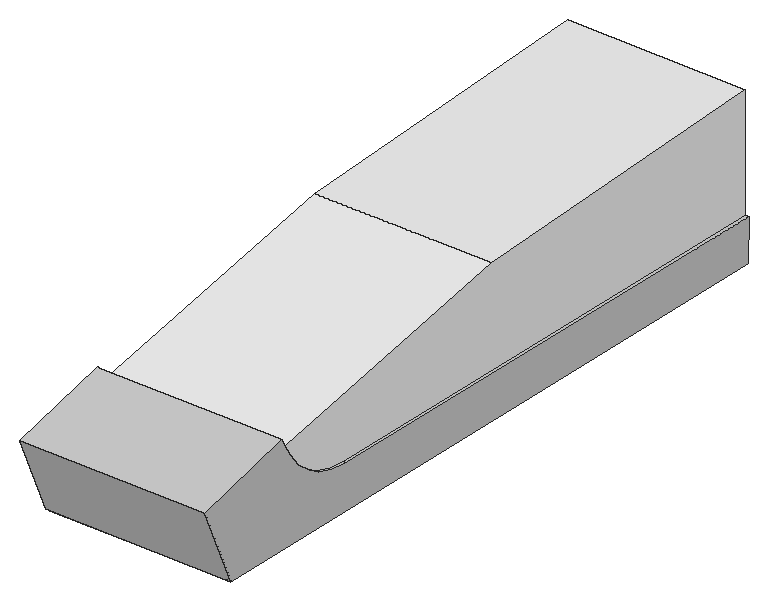
Revit family "2-5107-24 Apollo", category Lighting Fixtures, Revit 2014
Parameters
  Wattage = 3.8373 W
  built-in parameter 1150110 = 1 (stored number, unit not read)
  URL = "http://www.oxygenlighting.com"
  Type Comments = "Lighting - Fluorescent"
  built-in parameter 1114217 = 1 (stored number, unit not read)
  Tilt Angle = 180.00°
  built-in parameter 1150109 = 1 (stored number, unit not read)
  built-in parameter 1150134 = (empty or 0)
  built-in parameter 1150113 = 1 (stored number, unit not read)
  Product Documentation Link = "http://oxygenlighting.com.s3.amazonaws.com/downloads/cutsheets/2-5107-xx.pdf"
  Photometric Web File = "2-5107-24 Apollo ITL77176.IES"
  Model = "2-5107-24"
  Metal Finish = Satin Nickel
  Manufacturer = "Oxygen Lighting"
  Lumens = 570 lm
  built-in parameter 1150115 = 1 (stored number, unit not read)
  built-in parameter 1150105 = 45.359 (stored number, unit not read)
  built-in parameter 1150137 = (empty or 0)
  built-in parameter 1150139 = (empty or 0)
  built-in parameter 1150112 = 1 (stored number, unit not read)
  built-in parameter 1150114 = 1 (stored number, unit not read)
  Lamp = "1x24W Single Ended Twin Tube Fluorescent"
  Junction Box = "4\" Octogonal"
  Input Voltage (Volts AC) = "120.0"
  Power Factor = "0.99"
  Input Power (Watts) = "24.6"
  Input Current (Amps AC) = ""
  built-in parameter 1150132 = 2
  built-in parameter 1150102 = (empty or 0)
  built-in parameter 1150138 = (empty or 0)
  built-in parameter 1150107 = 3000 (stored number, unit not read)
  built-in parameter 1150106 = 0.45359 (stored number, unit not read)
  Fixture Width = 0' - 4 5/16"
  Fixture Height = 1' - 3 7/8"
  Fixture Depth = 0' - 3 5/8"
  Emit from Rectangle Width = 2' - 0"
  Emit from Rectangle Length = 4' - 0"
  Emit Shape Visible in Rendering = no
  built-in parameter 1150104 = 13.8 (stored number, unit not read)
  Driver Manufacturer = "Fulham"
  Dimming Lamp Color Temperature Shift = <None>
  Diffuser = Acrylic-Matte White
  Description = "16\" Wall Sconce - 1xSingle ended twin tube fluorescent"
  Default Elevation = 4' - 0"
  Color Filter = 16777215
  built-in parameter 1114218 = 1 (stored number, unit not read)
  built-in parameter 1150133 = 10 (stored number, unit not read)
  Lamp Manufacturer = "Sylvania"
  Apparent Load = 24.6 VA
  ADA Compliant = yes
Reference planes (in)
  plane 1 "Light Source Axis (F/B)": y = 0
  plane 2: z = 0
  plane 3 "Light Source Axis (L/R)": x = 0
  plane 4 "Light Source Elevation": z = 4.315
  plane 5: y = 7.375
  plane 6: y = -7.75
  plane 7: y = -8.5
  plane 8: y = -0.5625
  plane 9: x = -2.15625
  plane 10: x = 2.15625
  plane 11: z = 3.625
Forms (in)
  Extrusion 1, solid, material "Satin Nickel" <- "Metal Finish"
    sketch origin (0, 0, 0) x (0, 1, 0) y (0, 0, 1)
      loop
        line (-8.5, 1.75) -> (-7.75, 0) -> (7.375, 0) -> (7.375, 1) -> (-4.36871, 1)
        arc (-4.36871, 1) -> (-5.51467, 1.36086) -> (-6.2471, 2.31323) r 2
        line (-6.2471, 2.31323) -> (-8.5, 1.75)
    from 2.06625 to 2.15625
  Extrusion 2, solid, material "Satin Nickel" <- "Metal Finish"
    sketch origin (0, 0, 0) x (0, 1, 0) y (0, 0, -1)
      loop
        line (-8.5, -1.75) -> (-6.2471, -2.31323)
        arc (-6.2471, -2.31323) -> (-5.51467, -1.36086) -> (-4.36871, -1) r 2
        line (-4.36871, -1) -> (7.375, -1) -> (7.375, 0) -> (-7.75, 0) -> (-8.5, -1.75)
    from 2.06625 to 2.15625
  Extrusion 3, solid, material "Satin Nickel" <- "Metal Finish"
    sketch origin (0, 0, 0) x (0, 1, 0) y (0, 0, 1)
      loop
        line (-8.5, 1.75) -> (-7.75, 0) -> (-7.65208, 0) -> (-8.37565, 1.68832) -> (-6.21401, 2.22873)
        arc (-6.21401, 2.22873) -> (-6.23103, 2.27079) -> (-6.2471, 2.31323) r 2
        line (-6.2471, 2.31323) -> (-8.5, 1.75)
    from -2.15625 to 2.15625
  Extrusion 4, solid, material "Satin Nickel" <- "Metal Finish"
    sketch origin (0, 0, 0) x (1, 0, 0) y (0, 0, 1)
      loop
        line (2.06625, 0.375) -> (-2.06625, 0.375) -> (-2.06625, 0) -> (2.06625, 0) -> (2.06625, 0.375)
    from -7.375 to 7.75
  Extrusion 5, solid, material "Satin Nickel" <- "Metal Finish"
    sketch origin (0, 0, 0) x (1, 0, 0) y (0, 0, 1)
      loop
        line (1.375, 3.315) -> (-1.375, 3.315)
        arc (-1.375, 3.315) -> (-1.72855, 3.16855) -> (-1.875, 2.815) r 0.5
        line (-1.875, 2.815) -> (-1.875, 0.315) -> (1.875, 0.315) -> (1.875, 2.815)
        arc (1.875, 2.815) -> (1.72855, 3.16855) -> (1.375, 3.315) r 0.5
      loop
        circle (1.37161, 3.21602) r 0.06
      loop
        circle (1.00719, 3.21602) r 0.06
      loop
        circle (1.19604, 2.82761) r 0.06
      loop
        circle (1.56046, 2.82761) r 0.06
      loop
        circle (0.64277, 3.21602) r 0.06
      loop
        circle (0.83162, 2.82761) r 0.06
      loop
        circle (1.00719, 2.43921) r 0.06
      loop
        circle (1.37161, 2.43921) r 0.06
      loop
        circle (1.73603, 2.43921) r 0.06
      loop
        circle (0.27835, 3.21602) r 0.06
      loop
        circle (0.4672, 2.82761) r 0.06
      loop
        circle (0.64277, 2.43921) r 0.06
      loop
        circle (0.27835, 2.43921) r 0.06
      loop
        circle (0.10278, 2.82761) r 0.06
      loop
        circle (-0.08607, 3.21602) r 0.06
      loop
        circle (-0.08607, 2.43921) r 0.06
      loop
        circle (-0.45049, 3.21602) r 0.06
      loop
        circle (-0.26164, 2.82761) r 0.06
      loop
        circle (-0.45049, 2.43921) r 0.06
      loop
        circle (-0.62606, 2.82761) r 0.06
      loop
        circle (-0.81491, 3.21602) r 0.06
      loop
        circle (-0.81491, 2.43921) r 0.06
      loop
        circle (-0.99048, 2.82761) r 0.06
      loop
        circle (-1.17933, 3.21602) r 0.06
      loop
        circle (-1.17933, 2.43921) r 0.06
      loop
        circle (-1.3549, 2.82761) r 0.06
      loop
        circle (-1.54375, 2.43921) r 0.06
      loop
        circle (-1.71933, 2.82761) r 0.06
      loop
        circle (1.56046, 0.49719) r 0.06
      loop
        circle (1.37161, 0.88559) r 0.06
      loop
        circle (1.19604, 1.274) r 0.06
      loop
        circle (1.00719, 1.6624) r 0.06
      loop
        circle (0.83162, 2.05081) r 0.06
      loop
        circle (1.19604, 0.49719) r 0.06
      loop
        circle (1.00719, 0.88559) r 0.06
      loop
        circle (0.83162, 1.274) r 0.06
      loop
        circle (0.64277, 1.6624) r 0.06
      loop
        circle (0.4672, 2.05081) r 0.06
      loop
        circle (1.73603, 0.88559) r 0.06
      loop
        circle (1.56046, 1.274) r 0.06
      loop
        circle (1.37161, 1.6624) r 0.06
      loop
        circle (1.19604, 2.05081) r 0.06
      loop
        circle (1.73603, 1.6624) r 0.06
      loop
        circle (1.56046, 2.05081) r 0.06
      loop
        circle (0.83162, 0.49719) r 0.06
      loop
        circle (0.64277, 0.88559) r 0.06
      loop
        circle (0.4672, 1.274) r 0.06
      loop
        circle (0.27835, 1.6624) r 0.06
      loop
        circle (0.10278, 2.05081) r 0.06
      loop
        circle (0.4672, 0.49719) r 0.06
      loop
        circle (0.27835, 0.88559) r 0.06
      loop
        circle (0.10278, 1.274) r 0.06
      loop
        circle (-0.08607, 1.6624) r 0.06
      loop
        circle (-0.26164, 2.05081) r 0.06
      loop
        circle (0.10278, 0.49719) r 0.06
      loop
        circle (-0.08607, 0.88559) r 0.06
      loop
        circle (-0.26164, 1.274) r 0.06
      loop
        circle (-0.45049, 1.6624) r 0.06
      loop
        circle (-0.62606, 2.05081) r 0.06
      loop
        circle (-0.26164, 0.49719) r 0.06
      loop
        circle (-0.45049, 0.88559) r 0.06
      loop
        circle (-0.62606, 1.274) r 0.06
      loop
        circle (-0.81491, 1.6624) r 0.06
      loop
        circle (-0.99048, 2.05081) r 0.06
      loop
        circle (-0.62606, 0.49719) r 0.06
      loop
        circle (-0.81491, 0.88559) r 0.06
      loop
        circle (-0.99048, 1.274) r 0.06
      loop
        circle (-1.17933, 1.6624) r 0.06
      loop
        circle (-1.3549, 2.05081) r 0.06
      loop
        circle (-0.99048, 0.49719) r 0.06
      loop
        circle (-1.17933, 0.88559) r 0.06
      loop
        circle (-1.3549, 1.274) r 0.06
      loop
        circle (-1.54375, 1.6624) r 0.06
      loop
        circle (-1.71933, 2.05081) r 0.06
      loop
        circle (-1.3549, 0.49719) r 0.06
      loop
        circle (-1.54375, 0.88559) r 0.06
      loop
        circle (-1.71933, 1.274) r 0.06
      loop
        circle (-1.71933, 0.49719) r 0.06
    from -7.125 to -7.09
  Extrusion 6, solid, material "Satin Nickel" <- "Metal Finish"
    sketch origin (0, 0, 0) x (1, 0, 0) y (0, 1, 0)
      loop
        arc (-1.84375, 6.9025) -> (-1.77053, 6.72572) -> (-1.59375, 6.6525) r 0.25
        line (-1.59375, 6.6525) -> (1.59375, 6.6525)
        arc (1.59375, 6.6525) -> (1.77053, 6.72572) -> (1.84375, 6.9025) r 0.25
        line (1.84375, 6.9025) -> (1.84375, 7.09) -> (-1.84375, 7.09) -> (-1.84375, 6.9025)
      loop
        circle (1.75295, 6.98177) r 0.0625
      loop
        circle (1.64174, 6.7993) r 0.0625
      loop
        circle (1.39174, 6.7993) r 0.0625
      loop
        circle (-1.74705, 6.98177) r 0.0625
      loop
        circle (-1.60826, 6.7993) r 0.0625
      loop
        circle (-1.49705, 6.98177) r 0.0625
      loop
        circle (-1.35826, 6.7993) r 0.0625
      loop
        circle (-1.24705, 6.98177) r 0.0625
      loop
        circle (-0.99705, 6.98177) r 0.0625
      loop
        circle (-1.10826, 6.7993) r 0.0625
      loop
        circle (-0.74705, 6.98177) r 0.0625
      loop
        circle (-0.60826, 6.7993) r 0.0625
      loop
        circle (-0.49705, 6.98177) r 0.0625
      loop
        circle (-0.35826, 6.7993) r 0.0625
      loop
        circle (-0.24705, 6.98177) r 0.0625
      loop
        circle (-0.10826, 6.7993) r 0.0625
      loop
        circle (0.00295, 6.98177) r 0.0625
      loop
        circle (0.14174, 6.7993) r 0.0625
      loop
        circle (0.25295, 6.98177) r 0.0625
      loop
        circle (0.50295, 6.98177) r 0.0625
      loop
        circle (0.39174, 6.7993) r 0.0625
      loop
        circle (0.75295, 6.98177) r 0.0625
      loop
        circle (0.89174, 6.7993) r 0.0625
      loop
        circle (1.00295, 6.98177) r 0.0625
      loop
        circle (1.25295, 6.98177) r 0.0625
      loop
        circle (1.14174, 6.7993) r 0.0625
      loop
        circle (1.50295, 6.98177) r 0.0625
      loop
        circle (0.64174, 6.7993) r 0.0625
      loop
        circle (-0.85826, 6.7993) r 0.0625
    from 0.375 to 0.44689
  Extrusion 7, solid, material "Acrylic-Matte White" <- "Diffuser"
    sketch origin (0, 0, 0) x (0, 1, 0) y (0, 0, 1)
      loop
        line (-8.34305, 1.61226) -> (-7.75, 0.375) -> (7.375, 0.375) -> (7.375, 3.625)
        arc (7.375, 3.625) -> (3.68347, 3.50559) -> (0, 3.23399) r 89.50676
        arc (0, 3.23399) -> (-4.21119, 2.62717) -> (-8.34305, 1.61226) r 43.54377
    from 1.9725 to 2.06625
  Extrusion 8, solid, material "Acrylic-Matte White" <- "Diffuser"
    sketch origin (0, 0, 0) x (0, 1, 0) y (0, 0, -1)
      loop
        arc (-8.34305, -1.61226) -> (-4.21119, -2.62717) -> (0, -3.23399) r 43.54377
        arc (0, -3.23399) -> (3.68347, -3.50559) -> (7.375, -3.625) r 89.50676
        line (7.375, -3.625) -> (7.375, -0.375) -> (-7.75, -0.375) -> (-8.34305, -1.61226)
    from 1.9725 to 2.06625
  Extrusion 9, solid, material "Acrylic-Matte White" <- "Diffuser"
    sketch origin (0, 0, 0) x (0, 1, 0) y (0, 0, 1)
      loop
        line (-8.34305, 1.61226) -> (-8.28835, 1.49813)
        arc (-8.28835, 1.49813) -> (-4.17761, 2.50635) -> (0.01176, 3.10954) r 43.41877
        arc (0.01176, 3.10954) -> (3.68935, 3.38073) -> (7.375, 3.49999) r 89.38176
        line (7.375, 3.49999) -> (7.375, 3.625)
        arc (7.375, 3.625) -> (3.68347, 3.50559) -> (0, 3.23399) r 89.50676
        arc (0, 3.23399) -> (-4.21119, 2.62717) -> (-8.34305, 1.61226) r 43.54377
    from -2.06625 to 2.06625
  Extrusion 10, solid, material "Satin Nickel" <- "Metal Finish", not visible
    sketch origin (0, 0, 0) x (0, 1, 0) y (0, 0, 1)
      loop
        line (-8.5, 1.75) -> (-7.75, 0) -> (7.375, 0) -> (7.375, 1) -> (-4.36871, 1)
        arc (-4.36871, 1) -> (-5.51467, 1.36086) -> (-6.2471, 2.31323) r 2
        line (-6.2471, 2.31323) -> (-8.5, 1.75)
    from 2.06625 to 2.15625
  Extrusion 11, solid, material "Satin Nickel" <- "Metal Finish", not visible
    sketch origin (0, 0, 0) x (0, 1, 0) y (0, 0, -1)
      loop
        line (-8.5, -1.75) -> (-6.2471, -2.31323)
        arc (-6.2471, -2.31323) -> (-5.51467, -1.36086) -> (-4.36871, -1) r 2
        line (-4.36871, -1) -> (7.375, -1) -> (7.375, 0) -> (-7.75, 0) -> (-8.5, -1.75)
    from 2.06625 to 2.15625
  Extrusion 12, solid, material "Satin Nickel" <- "Metal Finish", not visible
    sketch origin (0, 0, 0) x (0, 1, 0) y (0, 0, 1)
      loop
        line (-8.5, 1.75) -> (-7.75, 0) -> (-7.65208, 0) -> (-8.37565, 1.68832) -> (-6.21401, 2.22873)
        arc (-6.21401, 2.22873) -> (-6.23103, 2.27079) -> (-6.2471, 2.31323) r 2
        line (-6.2471, 2.31323) -> (-8.5, 1.75)
    from -2.15625 to 2.15625
  Extrusion 13, solid, material "Satin Nickel" <- "Metal Finish", not visible
    sketch origin (0, 0, 0) x (1, 0, 0) y (0, 0, 1)
      loop
        line (2.06625, 0.375) -> (-2.06625, 0.375) -> (-2.06625, 0) -> (2.06625, 0) -> (2.06625, 0.375)
    from -7.375 to 7.75
  Extrusion 14, solid, material "Satin Nickel" <- "Metal Finish", not visible
    sketch origin (0, 0, 0) x (1, 0, 0) y (0, 0, 1)
      loop
        line (1.375, 3.315) -> (-1.375, 3.315)
        arc (-1.375, 3.315) -> (-1.72855, 3.16855) -> (-1.875, 2.815) r 0.5
        line (-1.875, 2.815) -> (-1.875, 0.315) -> (1.875, 0.315) -> (1.875, 2.815)
        arc (1.875, 2.815) -> (1.72855, 3.16855) -> (1.375, 3.315) r 0.5
      loop
        circle (1.37161, 3.21602) r 0.06
      loop
        circle (1.00719, 3.21602) r 0.06
      loop
        circle (1.19604, 2.82761) r 0.06
      loop
        circle (1.56046, 2.82761) r 0.06
      loop
        circle (0.64277, 3.21602) r 0.06
      loop
        circle (0.83162, 2.82761) r 0.06
      loop
        circle (1.00719, 2.43921) r 0.06
      loop
        circle (1.37161, 2.43921) r 0.06
      loop
        circle (1.73603, 2.43921) r 0.06
      loop
        circle (0.27835, 3.21602) r 0.06
      loop
        circle (0.4672, 2.82761) r 0.06
      loop
        circle (0.64277, 2.43921) r 0.06
      loop
        circle (0.27835, 2.43921) r 0.06
      loop
        circle (0.10278, 2.82761) r 0.06
      loop
        circle (-0.08607, 3.21602) r 0.06
      loop
        circle (-0.08607, 2.43921) r 0.06
      loop
        circle (-0.45049, 3.21602) r 0.06
      loop
        circle (-0.26164, 2.82761) r 0.06
      loop
        circle (-0.45049, 2.43921) r 0.06
      loop
        circle (-0.62606, 2.82761) r 0.06
      loop
        circle (-0.81491, 3.21602) r 0.06
      loop
        circle (-0.81491, 2.43921) r 0.06
      loop
        circle (-0.99048, 2.82761) r 0.06
      loop
        circle (-1.17933, 3.21602) r 0.06
      loop
        circle (-1.17933, 2.43921) r 0.06
      loop
        circle (-1.3549, 2.82761) r 0.06
      loop
        circle (-1.54375, 2.43921) r 0.06
      loop
        circle (-1.71933, 2.82761) r 0.06
      loop
        circle (1.56046, 0.49719) r 0.06
      loop
        circle (1.37161, 0.88559) r 0.06
      loop
        circle (1.19604, 1.274) r 0.06
      loop
        circle (1.00719, 1.6624) r 0.06
      loop
        circle (0.83162, 2.05081) r 0.06
      loop
        circle (1.19604, 0.49719) r 0.06
      loop
        circle (1.00719, 0.88559) r 0.06
      loop
        circle (0.83162, 1.274) r 0.06
      loop
        circle (0.64277, 1.6624) r 0.06
      loop
        circle (0.4672, 2.05081) r 0.06
      loop
        circle (1.73603, 0.88559) r 0.06
      loop
        circle (1.56046, 1.274) r 0.06
      loop
        circle (1.37161, 1.6624) r 0.06
      loop
        circle (1.19604, 2.05081) r 0.06
      loop
        circle (1.73603, 1.6624) r 0.06
      loop
        circle (1.56046, 2.05081) r 0.06
      loop
        circle (0.83162, 0.49719) r 0.06
      loop
        circle (0.64277, 0.88559) r 0.06
      loop
        circle (0.4672, 1.274) r 0.06
      loop
        circle (0.27835, 1.6624) r 0.06
      loop
        circle (0.10278, 2.05081) r 0.06
      loop
        circle (0.4672, 0.49719) r 0.06
      loop
        circle (0.27835, 0.88559) r 0.06
      loop
        circle (0.10278, 1.274) r 0.06
      loop
        circle (-0.08607, 1.6624) r 0.06
      loop
        circle (-0.26164, 2.05081) r 0.06
      loop
        circle (0.10278, 0.49719) r 0.06
      loop
        circle (-0.08607, 0.88559) r 0.06
      loop
        circle (-0.26164, 1.274) r 0.06
      loop
        circle (-0.45049, 1.6624) r 0.06
      loop
        circle (-0.62606, 2.05081) r 0.06
      loop
        circle (-0.26164, 0.49719) r 0.06
      loop
        circle (-0.45049, 0.88559) r 0.06
      loop
        circle (-0.62606, 1.274) r 0.06
      loop
        circle (-0.81491, 1.6624) r 0.06
      loop
        circle (-0.99048, 2.05081) r 0.06
      loop
        circle (-0.62606, 0.49719) r 0.06
      loop
        circle (-0.81491, 0.88559) r 0.06
      loop
        circle (-0.99048, 1.274) r 0.06
      loop
        circle (-1.17933, 1.6624) r 0.06
      loop
        circle (-1.3549, 2.05081) r 0.06
      loop
        circle (-0.99048, 0.49719) r 0.06
      loop
        circle (-1.17933, 0.88559) r 0.06
      loop
        circle (-1.3549, 1.274) r 0.06
      loop
        circle (-1.54375, 1.6624) r 0.06
      loop
        circle (-1.71933, 2.05081) r 0.06
      loop
        circle (-1.3549, 0.49719) r 0.06
      loop
        circle (-1.54375, 0.88559) r 0.06
      loop
        circle (-1.71933, 1.274) r 0.06
      loop
        circle (-1.71933, 0.49719) r 0.06
    from -7.125 to -7.09
  Extrusion 15, solid, material "Satin Nickel" <- "Metal Finish", not visible
    sketch origin (0, 0, 0) x (1, 0, 0) y (0, 1, 0)
      loop
        arc (-1.84375, 6.9025) -> (-1.77053, 6.72572) -> (-1.59375, 6.6525) r 0.25
        line (-1.59375, 6.6525) -> (1.59375, 6.6525)
        arc (1.59375, 6.6525) -> (1.77053, 6.72572) -> (1.84375, 6.9025) r 0.25
        line (1.84375, 6.9025) -> (1.84375, 7.09) -> (-1.84375, 7.09) -> (-1.84375, 6.9025)
      loop
        circle (1.75295, 6.98177) r 0.0625
      loop
        circle (1.64174, 6.7993) r 0.0625
      loop
        circle (1.39174, 6.7993) r 0.0625
      loop
        circle (-1.74705, 6.98177) r 0.0625
      loop
        circle (-1.60826, 6.7993) r 0.0625
      loop
        circle (-1.49705, 6.98177) r 0.0625
      loop
        circle (-1.35826, 6.7993) r 0.0625
      loop
        circle (-1.24705, 6.98177) r 0.0625
      loop
        circle (-0.99705, 6.98177) r 0.0625
      loop
        circle (-1.10826, 6.7993) r 0.0625
      loop
        circle (-0.74705, 6.98177) r 0.0625
      loop
        circle (-0.60826, 6.7993) r 0.0625
      loop
        circle (-0.49705, 6.98177) r 0.0625
      loop
        circle (-0.35826, 6.7993) r 0.0625
      loop
        circle (-0.24705, 6.98177) r 0.0625
      loop
        circle (-0.10826, 6.7993) r 0.0625
      loop
        circle (0.00295, 6.98177) r 0.0625
      loop
        circle (0.14174, 6.7993) r 0.0625
      loop
        circle (0.25295, 6.98177) r 0.0625
      loop
        circle (0.50295, 6.98177) r 0.0625
      loop
        circle (0.39174, 6.7993) r 0.0625
      loop
        circle (0.75295, 6.98177) r 0.0625
      loop
        circle (0.89174, 6.7993) r 0.0625
      loop
        circle (1.00295, 6.98177) r 0.0625
      loop
        circle (1.25295, 6.98177) r 0.0625
      loop
        circle (1.14174, 6.7993) r 0.0625
      loop
        circle (1.50295, 6.98177) r 0.0625
      loop
        circle (0.64174, 6.7993) r 0.0625
      loop
        circle (-0.85826, 6.7993) r 0.0625
    from 0.375 to 0.44689
  Extrusion 16, solid, material "Acrylic-Matte White" <- "Diffuser", not visible
    sketch origin (0, 0, 0) x (0, 1, 0) y (0, 0, 1)
      loop
        line (-8.34305, 1.61226) -> (-7.75, 0.375) -> (7.375, 0.375) -> (7.375, 3.625)
        arc (7.375, 3.625) -> (3.68347, 3.50559) -> (0, 3.23399) r 89.50676
        arc (0, 3.23399) -> (-4.21119, 2.62717) -> (-8.34305, 1.61226) r 43.54377
    from 1.9725 to 2.06625
  Extrusion 17, solid, material "Acrylic-Matte White" <- "Diffuser", not visible
    sketch origin (0, 0, 0) x (0, 1, 0) y (0, 0, -1)
      loop
        arc (-8.34305, -1.61226) -> (-4.21119, -2.62717) -> (0, -3.23399) r 43.54377
        arc (0, -3.23399) -> (3.68347, -3.50559) -> (7.375, -3.625) r 89.50676
        line (7.375, -3.625) -> (7.375, -0.375) -> (-7.75, -0.375) -> (-8.34305, -1.61226)
    from 1.9725 to 2.06625
  Extrusion 18, solid, material "Acrylic-Matte White" <- "Diffuser", not visible
    sketch origin (0, 0, 0) x (0, 1, 0) y (0, 0, 1)
      loop
        line (-8.34305, 1.61226) -> (-8.28835, 1.49813)
        arc (-8.28835, 1.49813) -> (-4.17761, 2.50635) -> (0.01176, 3.10954) r 43.41877
        arc (0.01176, 3.10954) -> (3.68935, 3.38073) -> (7.375, 3.49999) r 89.38176
        line (7.375, 3.49999) -> (7.375, 3.625)
        arc (7.375, 3.625) -> (3.68347, 3.50559) -> (0, 3.23399) r 89.50676
        arc (0, 3.23399) -> (-4.21119, 2.62717) -> (-8.34305, 1.61226) r 43.54377
    from -2.06625 to 2.06625
Cuts and joins
  joined: Extrusion 1, Extrusion 2, Extrusion 3
  joined: Extrusion 7, Extrusion 8, Extrusion 9
Dimensions and locks (in)
  "Fixture Height": plane 5 to plane 7
  equal spacing: plane 5, plane 8, plane 7, locked at 7.9375 each
  "Fixture Width": plane 9 to plane 10
  equal spacing: plane 9, plane 3 "Light Source Axis (L/R)", plane 10, locked at 2.15625 each
  "Fixture Depth": level to plane 11
  aligned and locked: plane 1 "Light Source Axis (F/B)" to imposter light
  aligned and locked: plane 4 "Light Source Elevation" to imposter light
  aligned and locked: level to plane 2
Automatic sketch dimensions
  Extrusion 1 sketch curve to Extrusion 1 sketch curve = 0' - 1.87839"
  Extrusion 1 sketch curve to Extrusion 1 sketch curve = 0' - 1.31323"
  Extrusion 2 sketch curve to Extrusion 2 sketch curve = 0' - 1.87839"
  Extrusion 2 sketch curve to Extrusion 2 sketch curve = 0' - 1.31323"
  Extrusion 3 sketch curve to Extrusion 3 sketch curve = 0' - 0.03309"
  Extrusion 3 sketch curve to Extrusion 3 sketch curve = 0' - 1.87839"
  Extrusion 3 sketch curve to Extrusion 3 sketch curve = 0' - 0.06168"
  Extrusion 3 sketch curve to Extrusion 3 sketch curve = 0' - 0.54041"
  Extrusion 3 sketch curve to Extrusion 3 sketch curve = 0' - 0.0845"
  Extrusion 4 sketch curve to Extrusion 4 sketch curve = 0' - 0 3/8"
  Extrusion 5 sketch curve to Extrusion 5 sketch curve = 0' - 0.36442"  (x68)
  Extrusion 5 sketch curve to Extrusion 5 sketch curve = 0' - 0.19567"
  Extrusion 5 sketch curve to Extrusion 5 sketch curve = 0' - 0.34433"
  Extrusion 5 sketch curve to Extrusion 5 sketch curve = 0' - 0.15567"  (x3)
  Extrusion 5 sketch curve to Extrusion 5 sketch curve = 0' - 0.17896"
  Extrusion 5 sketch curve to Extrusion 5 sketch curve = 0' - 0.3884"  (x20)
  Extrusion 5 sketch curve to Extrusion 5 sketch curve = 0' - 0"  (x51)
  Extrusion 5 sketch curve to Extrusion 5 sketch curve = 0' - 0.37579"
  Extrusion 5 sketch curve to Extrusion 5 sketch curve = 0' - 0.01261"  (x4)
  Extrusion 5 sketch curve to Extrusion 5 sketch curve = 0' - 0.09898"  (x2)
  Extrusion 6 sketch curve to Extrusion 6 sketch curve = 0' - 0.11121"  (x12)
  Extrusion 6 sketch curve to Extrusion 6 sketch curve = 0' - 0.13879"  (x12)
  Extrusion 6 sketch curve to Extrusion 6 sketch curve = 0' - 0.23549"
  Extrusion 6 sketch curve to Extrusion 6 sketch curve = 0' - 0.01451"
  Extrusion 6 sketch curve to Extrusion 6 sketch curve = 0' - 0.1533"
  Extrusion 6 sketch curve to Extrusion 6 sketch curve = 0' - 0.0967"
  Extrusion 6 sketch curve to Extrusion 6 sketch curve = 0' - 0.20201"
  Extrusion 6 sketch curve to Extrusion 6 sketch curve = 0' - 0.04799"
  Extrusion 6 sketch curve to Extrusion 6 sketch curve = 0' - 0.1592"
  Extrusion 6 sketch curve to Extrusion 6 sketch curve = 0' - 0.0908"
  Extrusion 6 sketch curve to Extrusion 6 sketch curve = 0' - 0"  (x6)
  Extrusion 6 sketch curve to Extrusion 6 sketch curve = 0' - 0.18248"  (x16)
  Extrusion 6 sketch curve to Extrusion 6 sketch curve = 0' - 0.1032"  (x3)
  Extrusion 6 sketch curve to Extrusion 6 sketch curve = 0' - 0.07927"  (x4)
  Extrusion 6 sketch curve to Extrusion 6 sketch curve = 0' - 0.10823"
  Extrusion 9 sketch curve to Extrusion 9 sketch curve = 0' - 0"  (x9)
  Extrusion 9 sketch curve to Extrusion 9 sketch curve = 0' - 0 1/8"
  Extrusion 9 sketch curve to Extrusion 9 sketch curve = 0' - 0 7/128"
  Extrusion 9 sketch curve to Extrusion 9 sketch curve = 3' - 9.75905"
  Extrusion 1 sketch curve to Extrusion 1 sketch curve = 0' - 0 3/4"
  Extrusion 1 sketch curve to Extrusion 1 sketch curve = 0' - 2.2529"
  Extrusion 1 sketch curve to Extrusion 1 sketch curve = 0' - 11.74371"
  Extrusion 1 sketch curve to Extrusion 1 sketch curve = 0' - 1"
  Extrusion 1 sketch curve to Extrusion 1 sketch curve = 0' - 1 3/4"
  Extrusion 2 sketch curve to Extrusion 2 sketch curve = 0' - 0 3/4"
  Extrusion 2 sketch curve to Extrusion 2 sketch curve = 0' - 2.2529"
  Extrusion 2 sketch curve to Extrusion 2 sketch curve = 0' - 11.74371"
  Extrusion 2 sketch curve to Extrusion 2 sketch curve = 0' - 0.56323"
  Extrusion 2 sketch curve to Extrusion 2 sketch curve = 0' - 1"
  Extrusion 3 sketch curve to Extrusion 3 sketch curve = 0' - 0.12435"
  Extrusion 3 sketch curve to Extrusion 3 sketch curve = 0' - 0.62565"
  Extrusion 3 sketch curve to Extrusion 3 sketch curve = 0' - 0.09792"
  Extrusion 3 sketch curve to Extrusion 3 sketch curve = 0' - 2.12855"
  Extrusion 3 sketch curve to Extrusion 3 sketch curve = 0' - 1.68832"
  Extrusion 4 sketch curve to Extrusion 4 sketch curve = 0' - 4.1325"
  Extrusion 5 sketch curve to Extrusion 5 sketch curve = 0' - 0.16875"
  Extrusion 5 sketch curve to Extrusion 5 sketch curve = 0' - 0.17557"  (x2)
  Extrusion 5 sketch curve to Extrusion 5 sketch curve = 0' - 0.0201"
  Extrusion 5 sketch curve to Extrusion 5 sketch curve = 0' - 0.18546"
  Extrusion 5 sketch curve to Extrusion 5 sketch curve = 0' - 0.31454"
  Extrusion 5 sketch curve to Extrusion 5 sketch curve = 0' - 0.18219"  (x2)
  Extrusion 7 sketch curve to Extrusion 7 sketch curve = 0' - 0.59305"
  Extrusion 7 sketch curve to Extrusion 7 sketch curve = 0' - 11.84735"
  Extrusion 7 sketch curve to Extrusion 7 sketch curve = 1' - 3 1/8"
  Extrusion 7 sketch curve to Extrusion 7 sketch curve = 0' - 4.325"
  Extrusion 7 sketch curve to Extrusion 7 sketch curve = 3' - 9.75905"
  Extrusion 7 sketch curve to Extrusion 7 sketch curve = 3' - 4.49158"
  Extrusion 7 sketch curve to Extrusion 7 sketch curve = 0' - 1.23726"
  Extrusion 7 sketch curve to Extrusion 7 sketch curve = 0' - 3 1/4"
  Extrusion 8 sketch curve to Extrusion 8 sketch curve = 0' - 0.59305"
  Extrusion 8 sketch curve to Extrusion 8 sketch curve = 0' - 11.84735"
  Extrusion 8 sketch curve to Extrusion 8 sketch curve = 1' - 3 1/8"
  Extrusion 8 sketch curve to Extrusion 8 sketch curve = 0' - 4.325"
  Extrusion 8 sketch curve to Extrusion 8 sketch curve = 0' - 2.01274"
  Extrusion 8 sketch curve to Extrusion 8 sketch curve = 0' - 3 1/4"
  Extrusion 8 sketch curve to Extrusion 8 sketch curve = 3' - 4.49158"
  Extrusion 8 sketch curve to Extrusion 8 sketch curve = 3' - 9.75905"
  Extrusion 9 sketch curve to Extrusion 9 sketch curve = 1' - 0.3857"
  Extrusion 9 sketch curve to Extrusion 9 sketch curve = 1' - 3.66335"
  Extrusion 9 sketch curve to Extrusion 9 sketch curve = 0' - 4.325"
  Extrusion 9 sketch curve to Extrusion 9 sketch curve = 3' - 5.61471"
  Extrusion 9 sketch curve to Extrusion 9 sketch curve = 0' - 0.11413"
  Extrusion 10 sketch curve to Extrusion 10 sketch curve = 0' - 1.87839"
  Extrusion 10 sketch curve to Extrusion 10 sketch curve = 0' - 1.31323"
  Extrusion 11 sketch curve to Extrusion 11 sketch curve = 0' - 1.87839"
  Extrusion 11 sketch curve to Extrusion 11 sketch curve = 0' - 1.31323"
  Extrusion 12 sketch curve to Extrusion 12 sketch curve = 0' - 0.03309"
  Extrusion 12 sketch curve to Extrusion 12 sketch curve = 0' - 1.87839"
  Extrusion 12 sketch curve to Extrusion 12 sketch curve = 0' - 0.06168"
  Extrusion 12 sketch curve to Extrusion 12 sketch curve = 0' - 0.54041"
  Extrusion 12 sketch curve to Extrusion 12 sketch curve = 0' - 0.0845"
  Extrusion 13 sketch curve to Extrusion 13 sketch curve = 0' - 0 3/8"
  Extrusion 14 sketch curve to Extrusion 14 sketch curve = 0' - 0.36442"  (x68)
  Extrusion 14 sketch curve to Extrusion 14 sketch curve = 0' - 0.19567"
  Extrusion 14 sketch curve to Extrusion 14 sketch curve = 0' - 0.34433"
  Extrusion 14 sketch curve to Extrusion 14 sketch curve = 0' - 0.15567"  (x3)
  Extrusion 14 sketch curve to Extrusion 14 sketch curve = 0' - 0.17896"
  Extrusion 14 sketch curve to Extrusion 14 sketch curve = 0' - 0.3884"  (x20)
  Extrusion 14 sketch curve to Extrusion 14 sketch curve = 0' - 0"  (x51)
  Extrusion 14 sketch curve to Extrusion 14 sketch curve = 0' - 0.37579"
  Extrusion 14 sketch curve to Extrusion 14 sketch curve = 0' - 0.01261"  (x4)
  Extrusion 14 sketch curve to Extrusion 14 sketch curve = 0' - 0.09898"  (x2)
  Extrusion 15 sketch curve to Extrusion 15 sketch curve = 0' - 0.11121"  (x12)
  Extrusion 15 sketch curve to Extrusion 15 sketch curve = 0' - 0.13879"  (x12)
  Extrusion 15 sketch curve to Extrusion 15 sketch curve = 0' - 0.23549"
  Extrusion 15 sketch curve to Extrusion 15 sketch curve = 0' - 0.01451"
  Extrusion 15 sketch curve to Extrusion 15 sketch curve = 0' - 0.1533"
  Extrusion 15 sketch curve to Extrusion 15 sketch curve = 0' - 0.0967"
  Extrusion 15 sketch curve to Extrusion 15 sketch curve = 0' - 0.20201"
  Extrusion 15 sketch curve to Extrusion 15 sketch curve = 0' - 0.04799"
  Extrusion 15 sketch curve to Extrusion 15 sketch curve = 0' - 0.1592"
  Extrusion 15 sketch curve to Extrusion 15 sketch curve = 0' - 0.0908"
  Extrusion 15 sketch curve to Extrusion 15 sketch curve = 0' - 0"  (x6)
  Extrusion 15 sketch curve to Extrusion 15 sketch curve = 0' - 0.18248"  (x16)
  Extrusion 15 sketch curve to Extrusion 15 sketch curve = 0' - 0.1032"  (x3)
  Extrusion 15 sketch curve to Extrusion 15 sketch curve = 0' - 0.07927"  (x4)
  Extrusion 15 sketch curve to Extrusion 15 sketch curve = 0' - 0.10823"
  Extrusion 18 sketch curve to Extrusion 18 sketch curve = 0' - 0"  (x9)
  Extrusion 18 sketch curve to Extrusion 18 sketch curve = 0' - 0 1/8"
  Extrusion 18 sketch curve to Extrusion 18 sketch curve = 0' - 0 7/128"
  Extrusion 18 sketch curve to Extrusion 18 sketch curve = 3' - 9.75905"
  Extrusion 10 sketch curve to Extrusion 10 sketch curve = 0' - 0 3/4"
  Extrusion 10 sketch curve to Extrusion 10 sketch curve = 0' - 2.2529"
  Extrusion 10 sketch curve to Extrusion 10 sketch curve = 0' - 11.74371"
  Extrusion 10 sketch curve to Extrusion 10 sketch curve = 0' - 1"
  Extrusion 10 sketch curve to Extrusion 10 sketch curve = 0' - 1 3/4"
  Extrusion 11 sketch curve to Extrusion 11 sketch curve = 0' - 0 3/4"
  Extrusion 11 sketch curve to Extrusion 11 sketch curve = 0' - 2.2529"
  Extrusion 11 sketch curve to Extrusion 11 sketch curve = 0' - 11.74371"
  Extrusion 11 sketch curve to Extrusion 11 sketch curve = 0' - 0.56323"
  Extrusion 11 sketch curve to Extrusion 11 sketch curve = 0' - 1"
  Extrusion 12 sketch curve to Extrusion 12 sketch curve = 0' - 0.12435"
  Extrusion 12 sketch curve to Extrusion 12 sketch curve = 0' - 0.62565"
  Extrusion 12 sketch curve to Extrusion 12 sketch curve = 0' - 0.09792"
  Extrusion 12 sketch curve to Extrusion 12 sketch curve = 0' - 2.12855"
  Extrusion 12 sketch curve to Extrusion 12 sketch curve = 0' - 1.68832"
  Extrusion 13 sketch curve to Extrusion 13 sketch curve = 0' - 4.1325"
  Extrusion 14 sketch curve to Extrusion 14 sketch curve = 0' - 0.16875"
  Extrusion 14 sketch curve to Extrusion 14 sketch curve = 0' - 0.17557"  (x2)
  Extrusion 14 sketch curve to Extrusion 14 sketch curve = 0' - 0.0201"
  Extrusion 14 sketch curve to Extrusion 14 sketch curve = 0' - 0.18546"
  Extrusion 14 sketch curve to Extrusion 14 sketch curve = 0' - 0.31454"
  Extrusion 14 sketch curve to Extrusion 14 sketch curve = 0' - 0.18219"  (x2)
  Extrusion 16 sketch curve to Extrusion 16 sketch curve = 0' - 0.59305"
  Extrusion 16 sketch curve to Extrusion 16 sketch curve = 0' - 11.84735"
  Extrusion 16 sketch curve to Extrusion 16 sketch curve = 1' - 3 1/8"
  Extrusion 16 sketch curve to Extrusion 16 sketch curve = 0' - 4.325"
  Extrusion 16 sketch curve to Extrusion 16 sketch curve = 3' - 9.75905"
  Extrusion 16 sketch curve to Extrusion 16 sketch curve = 3' - 4.49158"
  Extrusion 16 sketch curve to Extrusion 16 sketch curve = 0' - 1.23726"
  Extrusion 16 sketch curve to Extrusion 16 sketch curve = 0' - 3 1/4"
  Extrusion 17 sketch curve to Extrusion 17 sketch curve = 0' - 0.59305"
  Extrusion 17 sketch curve to Extrusion 17 sketch curve = 0' - 11.84735"
  Extrusion 17 sketch curve to Extrusion 17 sketch curve = 1' - 3 1/8"
  Extrusion 17 sketch curve to Extrusion 17 sketch curve = 0' - 4.325"
  Extrusion 17 sketch curve to Extrusion 17 sketch curve = 0' - 2.01274"
  Extrusion 17 sketch curve to Extrusion 17 sketch curve = 0' - 3 1/4"
  Extrusion 17 sketch curve to Extrusion 17 sketch curve = 3' - 4.49158"
  Extrusion 17 sketch curve to Extrusion 17 sketch curve = 3' - 9.75905"
  Extrusion 18 sketch curve to Extrusion 18 sketch curve = 1' - 0.3857"
  Extrusion 18 sketch curve to Extrusion 18 sketch curve = 1' - 3.66335"
  Extrusion 18 sketch curve to Extrusion 18 sketch curve = 0' - 4.325"
  Extrusion 18 sketch curve to Extrusion 18 sketch curve = 3' - 5.61471"
  Extrusion 18 sketch curve to Extrusion 18 sketch curve = 0' - 0.11413"
  radius of Extrusion 5 sketch curve = 0' - 0.06"  (x78)
  radius of Extrusion 6 sketch curve = 0' - 0 1/16"  (x29)
  radius of Extrusion 14 sketch curve = 0' - 0.06"  (x78)
  radius of Extrusion 15 sketch curve = 0' - 0 1/16"  (x29)
